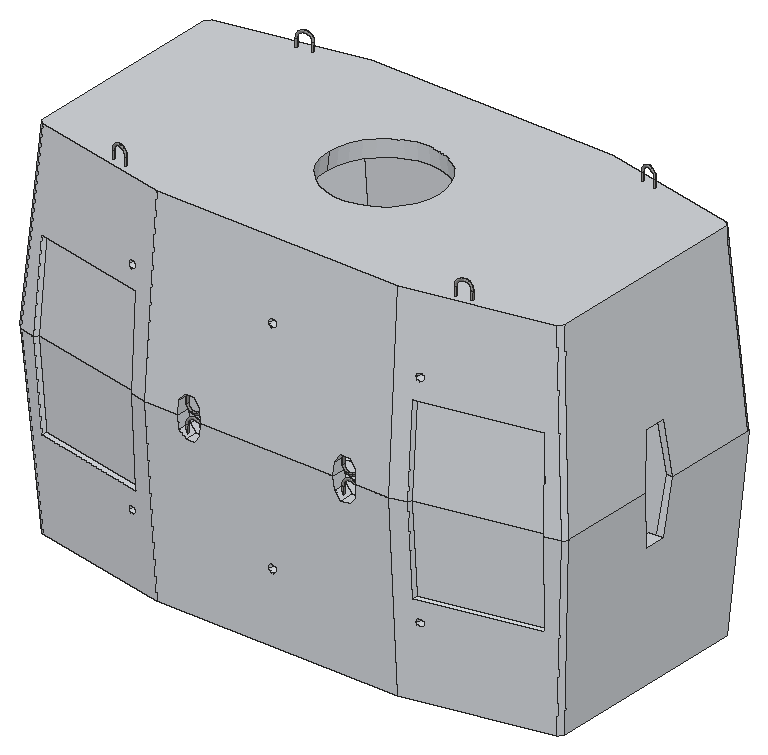
Revit family "110101-00062 Колодец ККСр-5-10 ГЕК-ССД", category Обобщенные модели, Revit 2019 (continued)
Definition of nested family "110101-00062 Колодец ККСр-5-10 Верх"
  Automatic sketch dimensions
    Extrusion 16 sketch curve to plane 3 "По центру (Влево/Вправо)" = 362 mm
    level to Extrusion 16 sketch curve = 70 mm  (x2)
    Extrusion 16 sketch curve to Extrusion 16 sketch curve = 5 mm  (x2)
    Extrusion 16 sketch curve to Extrusion 16 sketch curve = 32 mm  (x2)
    level to Extrusion 16 sketch curve = 110 mm
    Extrusion 16 sketch curve to Extrusion 16 sketch curve = 51 mm
    Extrusion 17 sketch curve to level = 0 mm
    plane 3 "По центру (Влево/Вправо)" to Extrusion 17 sketch curve = 362 mm
    level to Extrusion 17 sketch curve = 70 mm  (x2)
    Extrusion 17 sketch curve to Extrusion 17 sketch curve = 5 mm  (x2)
    Extrusion 17 sketch curve to Extrusion 17 sketch curve = 32 mm  (x2)
    level to Extrusion 17 sketch curve = 110 mm
    Extrusion 17 sketch curve to Extrusion 17 sketch curve = 51 mm
    Blend 18 sketch curve to plane 1 "По центру (Вперед/Назад)" = 87.5 mm
    Blend 18 sketch curve to plane 1 "По центру (Вперед/Назад)" = 52.338 mm
    Blend 18 sketch curve to Blend 18 sketch curve = 292.629 mm
    Blend 18 sketch curve to Blend 18 sketch curve = 223.653 mm
    Blend 18 sketch curve to plane 1 "По центру (Вперед/Назад)" = 81.985 mm
    Blend 18 sketch curve to Blend 18 sketch curve = 245.034 mm
    Blend 18 sketch curve to Blend 18 sketch curve = 293.056 mm
    Blend 18 sketch curve to plane 1 "По центру (Вперед/Назад)" = 370.879 mm
    Blend 18 sketch curve to plane 1 "По центру (Вперед/Назад)" = 62.303 mm
    Blend 18 sketch curve to Blend 18 sketch curve = 289.794 mm
    Blend 18 sketch curve to plane 1 "По центру (Вперед/Назад)" = 318.379 mm
    Blend 18 sketch curve to Blend 18 sketch curve = 216.487 mm
    Blend 18 sketch curve to plane 1 "По центру (Вперед/Назад)" = 91 mm
    Blend 18 sketch curve to plane 1 "По центру (Вперед/Назад)" = 97.124 mm
    Extrusion 19 sketch curve to level = 0 mm
    plane 1 "По центру (Вперед/Назад)" to Extrusion 19 sketch curve = 97.5 mm
    plane 1 "По центру (Вперед/Назад)" to Extrusion 19 sketch curve = 62.5 mm
    Extrusion 19 sketch curve to plane 1 "По центру (Вперед/Назад)" = 62.5 mm
    Extrusion 19 sketch curve to plane 1 "По центру (Вперед/Назад)" = 97.5 mm
    level to Extrusion 19 sketch curve = 290 mm
    plane 1 "По центру (Вперед/Назад)" to Blend 20 sketch curve = 87.5 mm
    plane 1 "По центру (Вперед/Назад)" to Blend 20 sketch curve = 52.338 mm
    Blend 20 sketch curve to Blend 20 sketch curve = 292.629 mm
    Blend 20 sketch curve to Blend 20 sketch curve = 223.653 mm
    plane 1 "По центру (Вперед/Назад)" to Blend 20 sketch curve = 81.985 mm
    Blend 20 sketch curve to Blend 20 sketch curve = 245.034 mm
    Blend 20 sketch curve to Blend 20 sketch curve = 293.056 mm
    plane 1 "По центру (Вперед/Назад)" to Blend 20 sketch curve = 370.879 mm
    plane 1 "По центру (Вперед/Назад)" to Blend 20 sketch curve = 62.303 mm
    Blend 20 sketch curve to Blend 20 sketch curve = 289.794 mm
    plane 1 "По центру (Вперед/Назад)" to Blend 20 sketch curve = 318.379 mm
    Blend 20 sketch curve to Blend 20 sketch curve = 216.487 mm
    plane 1 "По центру (Вперед/Назад)" to Blend 20 sketch curve = 91 mm
    plane 1 "По центру (Вперед/Назад)" to Blend 20 sketch curve = 97.124 mm
    plane 1 "По центру (Вперед/Назад)" to Blend 21 sketch curve = 87.5 mm
    plane 1 "По центру (Вперед/Назад)" to Blend 21 sketch curve = 52.338 mm
    Blend 21 sketch curve to Blend 21 sketch curve = 292.629 mm
    Blend 21 sketch curve to Blend 21 sketch curve = 223.653 mm
    plane 1 "По центру (Вперед/Назад)" to Blend 21 sketch curve = 327.019 mm
    Blend 21 sketch curve to Blend 21 sketch curve = 293.056 mm
    plane 1 "По центру (Вперед/Назад)" to Blend 21 sketch curve = 81.985 mm
    plane 1 "По центру (Вперед/Назад)" to Blend 21 sketch curve = 370.879 mm
    plane 1 "По центру (Вперед/Назад)" to Blend 21 sketch curve = 62.303 mm
    Blend 21 sketch curve to Blend 21 sketch curve = 289.794 mm
    plane 1 "По центру (Вперед/Назад)" to Blend 21 sketch curve = 318.379 mm
    Blend 21 sketch curve to Blend 21 sketch curve = 216.487 mm
    plane 1 "По центру (Вперед/Назад)" to Blend 21 sketch curve = 97.124 mm
    plane 1 "По центру (Вперед/Назад)" to Blend 21 sketch curve = 91 mm
    level to Sweep 22 sketch curve = 53.17 mm
    Sweep 22 sketch curve to plane 3 "По центру (Влево/Вправо)" = 384.489 mm
    Sweep 22 sketch curve to Sweep 22 sketch curve = 40 mm
    Sweep 22 sketch curve to Sweep 22 sketch curve = 45 mm  (x2)
    Sweep 22 sketch curve to profile plane = 0 mm
    profile plane to Sweep 22 sketch curve = 760.974 mm
    level to Sweep 23 sketch curve = 53.17 mm
    Sweep 23 sketch curve to plane 3 "По центру (Влево/Вправо)" = 384.489 mm
    Sweep 23 sketch curve to Sweep 23 sketch curve = 40 mm
    Sweep 23 sketch curve to Sweep 23 sketch curve = 45 mm  (x2)
    Sweep 23 sketch curve to profile plane = 0 mm
    profile plane to Sweep 23 sketch curve = 760.974 mm
    level to Sweep 24 sketch curve = 53.17 mm
    plane 3 "По центру (Влево/Вправо)" to Sweep 24 sketch curve = 384.489 mm
    Sweep 24 sketch curve to Sweep 24 sketch curve = 40 mm
    Sweep 24 sketch curve to Sweep 24 sketch curve = 45 mm  (x2)
    Sweep 24 sketch curve to profile plane = 0 mm
    profile plane to Sweep 24 sketch curve = 760.974 mm
    Blend 25 sketch curve to Blend 25 sketch curve = 10.209 mm  (x2)
    Blend 25 sketch curve to Blend 25 sketch curve = 629.584 mm
    Blend 25 sketch curve to Blend 25 sketch curve = 488.43 mm
    Blend 25 sketch curve to Blend 25 sketch curve = 10.033 mm  (x2)
    Blend 25 sketch curve to Blend 25 sketch curve = 609.934 mm
    Blend 25 sketch curve to Blend 25 sketch curve = 480 mm
    Blend 26 sketch curve to Blend 26 sketch curve = 10.209 mm  (x2)
    Blend 26 sketch curve to Blend 26 sketch curve = 629.584 mm
    Blend 26 sketch curve to Blend 26 sketch curve = 488.43 mm
    Blend 26 sketch curve to Blend 26 sketch curve = 10.033 mm  (x2)
    Blend 26 sketch curve to Blend 26 sketch curve = 609.934 mm
    Blend 26 sketch curve to Blend 26 sketch curve = 480 mm
    Blend 27 sketch curve to Blend 27 sketch curve = 10.209 mm  (x2)
    Blend 27 sketch curve to Blend 27 sketch curve = 629.584 mm
    Blend 27 sketch curve to Blend 27 sketch curve = 488.43 mm
    Blend 27 sketch curve to Blend 27 sketch curve = 10.033 mm  (x2)
    Blend 27 sketch curve to Blend 27 sketch curve = 609.934 mm
    Blend 27 sketch curve to Blend 27 sketch curve = 480 mm
    plane 1 "По центру (Вперед/Назад)" to Blend 28 sketch curve = 0 mm  (x2)
    Blend 28 sketch curve to plane 3 "По центру (Влево/Вправо)" = 0 mm  (x2)
    plane 3 "По центру (Влево/Вправо)" to Blend 29 sketch curve = 0.151 mm  (x2)
    plane 17 to Blend 29 sketch curve = 250.153 mm  (x2)
    plane 3 "По центру (Влево/Вправо)" to Blend 30 sketch curve = 0.151 mm  (x2)
    plane 17 to Blend 30 sketch curve = 250.153 mm  (x2)
    plane 17 to Blend 31 sketch curve = 250.153 mm  (x2)
    Blend 31 sketch curve to plane 6 = 709.849 mm  (x2)
    plane 17 to Blend 32 sketch curve = 250.153 mm  (x2)
    Blend 32 sketch curve to plane 6 = 709.849 mm  (x2)
    plane 17 to Blend 33 sketch curve = 250.153 mm  (x2)
    plane 4 to Blend 33 sketch curve = 709.849 mm  (x2)
    plane 17 to Blend 34 sketch curve = 250.153 mm  (x2)
    plane 4 to Blend 34 sketch curve = 709.849 mm  (x2)
    Sweep 35 sketch curve to plane 8 = 0 mm  (x2)
    plane 8 to Sweep 35 sketch curve = 45 mm
    Sweep 35 sketch curve to Sweep 35 sketch curve = 40 mm
    profile plane to Sweep 35 sketch curve = 0 mm
    Sweep 35 sketch curve to profile plane = 602.092 mm
    Sweep 36 sketch curve to plane 8 = 0 mm  (x2)
    plane 8 to Sweep 36 sketch curve = 45 mm
    Sweep 36 sketch curve to Sweep 36 sketch curve = 40 mm
    Sweep 36 sketch curve to profile plane = 0 mm
    Sweep 36 sketch curve to profile plane = 602.092 mm
    plane 8 to Sweep 37 sketch curve = 0 mm  (x2)
    plane 8 to Sweep 37 sketch curve = 45 mm
    Sweep 37 sketch curve to Sweep 37 sketch curve = 40 mm
    Sweep 37 sketch curve to profile plane = 0 mm
    Sweep 37 sketch curve to profile plane = 602.092 mm
    plane 8 to Sweep 38 sketch curve = 0 mm  (x2)
    plane 8 to Sweep 38 sketch curve = 45 mm
    Sweep 38 sketch curve to Sweep 38 sketch curve = 40 mm
    profile plane to Sweep 38 sketch curve = 0 mm
    Sweep 38 sketch curve to profile plane = 602.092 mm
    radius of Sweep 5 sketch curve = 5 mm
    radius of Blend 9 sketch curve = 22.5 mm
    radius of Blend 9 sketch curve = 7.016 mm
    radius of Blend 10 sketch curve = 7.016 mm
    radius of Blend 10 sketch curve = 6.25 mm
    radius of Blend 11 sketch curve = 22.5 mm
    radius of Blend 11 sketch curve = 7.016 mm
    radius of Blend 12 sketch curve = 7.016 mm
    radius of Blend 12 sketch curve = 6.25 mm
    radius of Blend 13 sketch curve = 22.5 mm
    radius of Blend 13 sketch curve = 7.016 mm
    radius of Blend 14 sketch curve = 7.016 mm
    radius of Blend 14 sketch curve = 6.25 mm
    radius of Sweep 22 sketch curve = 5 mm
    radius of Sweep 23 sketch curve = 5 mm
    radius of Sweep 24 sketch curve = 5 mm
    radius of Blend 28 sketch curve = 315 mm
    radius of Blend 28 sketch curve = 300 mm
    radius of Blend 29 sketch curve = 22.5 mm
    radius of Blend 29 sketch curve = 7.016 mm
    radius of Blend 30 sketch curve = 7.016 mm
    radius of Blend 30 sketch curve = 6.25 mm
    radius of Blend 31 sketch curve = 22.5 mm
    radius of Blend 31 sketch curve = 7.016 mm
    radius of Blend 32 sketch curve = 7.016 mm
    radius of Blend 32 sketch curve = 6.25 mm
    radius of Blend 33 sketch curve = 22.5 mm
    radius of Blend 33 sketch curve = 7.016 mm
    radius of Blend 34 sketch curve = 7.016 mm
    radius of Blend 34 sketch curve = 6.25 mm
    radius of Sweep 35 sketch curve = 5 mm
    radius of Sweep 36 sketch curve = 5 mm
    radius of Sweep 37 sketch curve = 5 mm
    radius of Sweep 38 sketch curve = 5 mm
